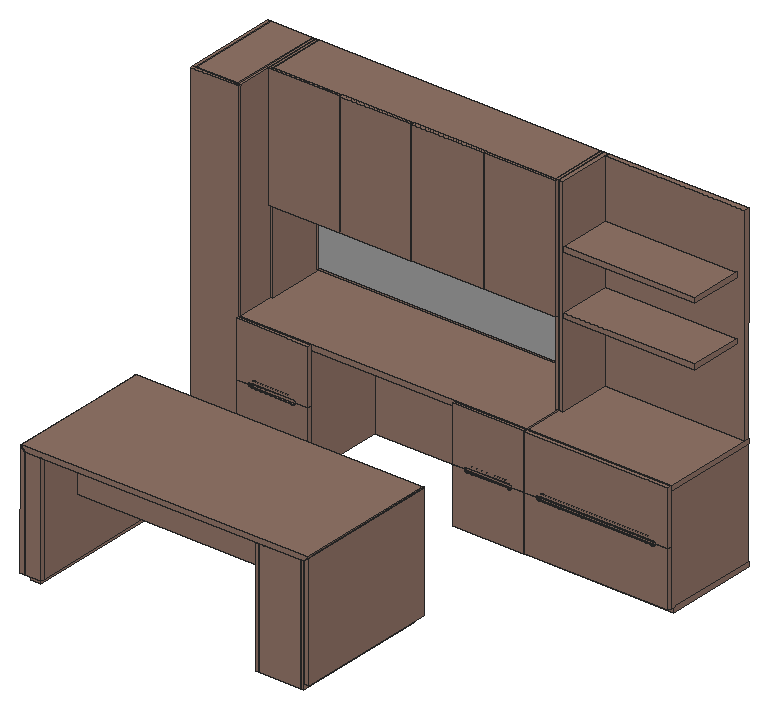
Revit family "OFS TYPICAL S100003", category Furniture, Revit 2022 (continued)
Definition of nested family "OFS SLATE CREDENZAS"
  Definition of nested family "OFS_Slate Private Office_Credenzas_Double Pedestal"
    Forms (in)
      Extrusion 13, solid, material <- "Case", visible <- "Double Pedestal"
        sketch origin (-60.07556, -60, 0.45) x (-1, 0, 0) y (0, -1, 0)
          loop
            line (-62.32556, -39.125) -> (-60.82556, -39.125) -> (-60.82556, -37.625) -> (-62.32556, -37.625) -> (-62.32556, -39.125)
          loop
            line (-75.82556, -39.125) -> (-75.82556, -37.625) -> (-77.32556, -37.625) -> (-77.32556, -39.125) -> (-75.82556, -39.125)
          loop
            line (-119.32556, -59.25) -> (-117.82556, -59.25) -> (-117.82556, -57.75) -> (-119.32556, -57.75) -> (-119.32556, -59.25)
          loop
            line (-104.32556, -59.25) -> (-102.82556, -59.25) -> (-102.82556, -57.75) -> (-104.32556, -57.75) -> (-104.32556, -59.25)
          loop
            line (-117.82556, -39.125) -> (-117.82556, -37.625) -> (-119.32556, -37.625) -> (-119.32556, -39.125) -> (-117.82556, -39.125)
          loop
            line (-104.32556, -39.125) -> (-102.82556, -39.125) -> (-102.82556, -37.625) -> (-104.32556, -37.625) -> (-104.32556, -39.125)
        from 0 to 1.25
      Revolve 14, solid, material <- "Glides", visible <- "Double Pedestal"
        sketch origin (-3.76383, -1.37544, 47.24409) x (-1, 0, 0) y (0, 0, 1)
          loop
            line (-5.15473, -46.79409) -> (-5.15473, -47.24409) -> (-4.90473, -47.24409)
            arc (-4.90473, -47.24409) -> (-4.78439, -47.13335) -> (-4.86606, -46.99165) r 0.13088
            line (-4.86606, -46.99165) -> (-4.90473, -46.99165) -> (-4.90473, -46.79409) -> (-5.15473, -46.79409)
          axis (-5.15473, -46.79409) -> (-5.15473, -47.24409)
        angle from 0 to 360
      Revolve 15, solid, material <- "Glides", visible <- "Double Pedestal"
        sketch origin (21.76383, -1.37544, 47.24409) x (1, 0, 0) y (0, 0, -1)
          loop
            line (-5.15473, 46.79409) -> (-4.90473, 46.79409) -> (-4.90473, 46.99165) -> (-4.86606, 46.99165)
            arc (-4.86606, 46.99165) -> (-4.78439, 47.13335) -> (-4.90473, 47.24409) r 0.13088
            line (-4.90473, 47.24409) -> (-5.15473, 47.24409) -> (-5.15473, 46.79409)
          axis (-5.15473, 46.79409) -> (-5.15473, 47.24409)
        angle from 0 to 360
      Revolve 16, solid, material <- "Glides", visible <- "Double Pedestal"
        sketch origin (63.21186, -21.74956, 47.24409) x (1, 0, 0) y (0, 0, 1)
          loop
            line (-61.82096, -46.79409) -> (-62.07096, -46.79409) -> (-62.07096, -46.99165) -> (-62.10964, -46.99165)
            arc (-62.10964, -46.99165) -> (-62.19131, -47.13335) -> (-62.07096, -47.24409) r 0.13088
            line (-62.07096, -47.24409) -> (-61.82096, -47.24409) -> (-61.82096, -46.79409)
          axis (-61.82096, -46.79409) -> (-61.82096, -47.24409)
        angle from 0 to 360
      Revolve 17, solid, material <- "Glides", visible <- "Double Pedestal"
        sketch origin (63.21186, -21.74956, 47.24409) x (1, 0, 0) y (0, 0, 1)
          loop
            line (-46.60277, -46.79409) -> (-46.60277, -47.24409) -> (-46.35277, -47.24409)
            arc (-46.35277, -47.24409) -> (-46.23242, -47.13335) -> (-46.31409, -46.99165) r 0.13088
            line (-46.31409, -46.99165) -> (-46.35277, -46.99165) -> (-46.35277, -46.79409) -> (-46.60277, -46.79409)
          axis (-46.60277, -46.79409) -> (-46.60277, -47.24409)
        angle from 0 to 360
      Revolve 18, solid, material <- "Glides", visible <- "Double Pedestal"
        sketch origin (63.76383, -1.37544, 47.24409) x (1, 0, 0) y (0, 0, -1)
          loop
            line (-5.15473, 46.79409) -> (-4.90473, 46.79409) -> (-4.90473, 46.99165) -> (-4.86606, 46.99165)
            arc (-4.86606, 46.99165) -> (-4.78439, 47.13335) -> (-4.90473, 47.24409) r 0.13088
            line (-4.90473, 47.24409) -> (-5.15473, 47.24409) -> (-5.15473, 46.79409)
          axis (-5.15473, 46.79409) -> (-5.15473, 47.24409)
        angle from 0 to 360
      Revolve 19, solid, material <- "Glides", visible <- "Double Pedestal"
        sketch origin (38.23617, -1.37544, 47.24409) x (-1, 0, 0) y (0, 0, 1)
          loop
            line (-5.15473, -46.79409) -> (-5.15473, -47.24409) -> (-4.90473, -47.24409)
            arc (-4.90473, -47.24409) -> (-4.78439, -47.13335) -> (-4.86606, -46.99165) r 0.13088
            line (-4.86606, -46.99165) -> (-4.90473, -46.99165) -> (-4.90473, -46.79409) -> (-5.15473, -46.79409)
          axis (-5.15473, -46.79409) -> (-5.15473, -47.24409)
        angle from 0 to 360
      Revolve 20, solid, material <- "Glides", visible <- "Double Pedestal"
        sketch origin (-3.21186, -21.74956, 47.24409) x (-1, 0, 0) y (0, 0, -1)
          loop
            line (-61.82096, 46.79409) -> (-61.82096, 47.24409) -> (-62.07096, 47.24409)
            arc (-62.07096, 47.24409) -> (-62.19131, 47.13335) -> (-62.10964, 46.99165) r 0.13088
            line (-62.10964, 46.99165) -> (-62.07096, 46.99165) -> (-62.07096, 46.79409) -> (-61.82096, 46.79409)
          axis (-61.82096, 46.79409) -> (-61.82096, 47.24409)
        angle from 0 to 360
      Revolve 21, solid, material <- "Glides", visible <- "Double Pedestal"
        sketch origin (-3.21186, -21.74956, 47.24409) x (-1, 0, 0) y (0, 0, -1)
          loop
            line (-46.60277, 46.79409) -> (-46.35277, 46.79409) -> (-46.35277, 46.99165) -> (-46.31409, 46.99165)
            arc (-46.31409, 46.99165) -> (-46.23242, 47.13335) -> (-46.35277, 47.24409) r 0.13088
            line (-46.35277, 47.24409) -> (-46.60277, 47.24409) -> (-46.60277, 46.79409)
          axis (-46.60277, 46.79409) -> (-46.60277, 47.24409)
        angle from 0 to 360
    Cuts and joins
      Sweep 9, Sweep 10 cuts Extrusion 8
      joined: Sweep 2, Extrusion 3, Extrusion 13
      joined: Revolve 14, Revolve 15, Revolve 16, Revolve 17, Revolve 18, Revolve 19, Revolve 20, Revolve 21
    Lines and regions (in)
      Masking region 1, visible <- "Double Pedestal"
        outline origin (-60.07556, -60, 29.2) x (-1, 0, 0) y (0, -1, 0)
          loop
            line (-60.07556, -60) -> (-60.07556, -35.16339) -> (-120.07556, -35.16339) -> (-120.07556, -60) -> (-60.07556, -60)
    Dimensions and locks (in)
      "Width 1": plane 3 "Center (Left/Right)" to plane 11
      plane 3 "Center (Left/Right)" to plane 17 to plane 19 to plane 9 to plane 21 = 0' - 0 3/4" locked, 1' - 4 1/2" locked, 0' - 0 3/4" locked, 0' - 0 3/4" locked
      plane 22 to plane 12 to plane 20 to plane 18 to plane 11 = 0' - 0 3/4" locked, 0' - 0 3/4" locked, 1' - 4 1/2" locked, 0' - 0 3/4" locked
      equal spacing: plane 3 "Center (Left/Right)", plane 10, plane 11
      Sweep 9 sketch curve to Sweep 9 sketch curve to plane 3 "Center (Left/Right)" = 0' - 10.75482" locked, 0' - 3.68509" locked
      Sweep 10 sketch curve to Sweep 10 sketch curve to plane 11 = 0' - 10.75482" locked, 0' - 3.68509" locked
      aligned and locked: level to plane 2
      aligned and locked: plane 11 to Extrusion 1
      aligned and locked: Extrusion 3 sketch curve to Extrusion 1  (x2)
      aligned and locked: Extrusion 3 sketch curve to Sweep 2  (x2)
      aligned and locked: Extrusion 3 sketch curve to plane 6
      aligned and locked: Extrusion 3 sketch curve to plane 19
      aligned and locked: Extrusion 4 sketch curve to plane 19
      aligned and locked: plane 20 to Extrusion 4 sketch curve
      aligned and locked: plane 18 to Extrusion 4 sketch curve
      aligned and locked: plane 17 to Extrusion 4 sketch curve
      aligned and locked: Sweep 2 to Extrusion 5 sketch curve
      aligned and locked: plane 21 to Extrusion 5 sketch curve
      aligned and locked: plane 1 "Center (Front/Back)" to Extrusion 5 sketch curve
      aligned and locked: plane 22 to Extrusion 5 sketch curve
      aligned and locked: plane 12 to Extrusion 5 sketch curve
      aligned and locked: Sweep 12 sketch curve to plane 20
      aligned and locked: plane 18 to Sweep 12 sketch curve
      aligned and locked: plane 19 to Sweep 2 sketch curve
      aligned and locked: Sweep 2 sketch curve to plane 17
      aligned and locked: Masking region 1 sketch curve to Extrusion 1  (x2)
      aligned and locked: Masking region 1 sketch curve to cut or joined group of Extrusion 8, Sweep 9, Sweep 10
      aligned and locked: Masking region 1 sketch curve to plane 11
    Automatic sketch dimensions
      Extrusion 1 sketch curve to plane 7 = 0' - 0"
      Extrusion 1 sketch curve to plane 15 = 0' - 0"
      Extrusion 1 sketch curve to plane 1 "Center (Front/Back)" = 0' - 0"
      plane 6 to Extrusion 1 sketch curve = 0' - 0"
      plane 1 "Center (Front/Back)" to Sweep 2 sketch curve = 0' - 0"  (x2)
      plane 14 to Sweep 2 sketch curve = 0' - 0.62544"
      Sweep 2 sketch curve to plane 4 = 0' - 0"
      Sweep 2 sketch curve to profile plane = 0' - 0"
      profile plane to Sweep 2 sketch curve = 0' - 0 3/4"
      plane 4 to Sweep 2 sketch curve = 0' - 1 1/4"
      Extrusion 3 sketch curve to plane 5 = 0' - 0"  (x4)
      Extrusion 3 sketch curve to plane 11 = 0' - 0"
      plane 18 to Extrusion 3 sketch curve = 0' - 0"
      plane 20 to Extrusion 3 sketch curve = 0' - 0"
      Extrusion 3 sketch curve to plane 6 = 0' - 0"  (x2)
      Extrusion 3 sketch curve to plane 12 = 0' - 0"
      plane 1 "Center (Front/Back)" to Extrusion 4 sketch curve = 0' - 0"  (x2)
      plane 13 to Extrusion 4 sketch curve = 0' - 0.62544"  (x2)
      plane 1 "Center (Front/Back)" to Extrusion 5 sketch curve = 0' - 0"
      Extrusion 5 sketch curve to plane 13 = 0' - 1.87456"  (x2)
      Extrusion 6 sketch curve to plane 12 = 0' - 0"
      Extrusion 6 sketch curve to plane 9 = 0' - 0"
      Extrusion 6 sketch curve to plane 13 = 0' - 1.87456"
      Extrusion 6 sketch curve to Extrusion 6 sketch curve = 0' - 0 3/4"
      plane 12 to Extrusion 7 sketch curve = 0' - 0 1/8"
      plane 9 to Extrusion 7 sketch curve = 0' - 0 1/8"
      Extrusion 7 sketch curve to plane 13 = 0' - 1.87456"
      Extrusion 7 sketch curve to Extrusion 7 sketch curve = 0' - 0 3/4"
      Extrusion 8 sketch curve to plane 5 = 0' - 0"  (x2)
      Extrusion 8 sketch curve to plane 9 = 0' - 0"  (x2)
      plane 3 "Center (Left/Right)" to Extrusion 8 sketch curve = 0' - 0 1/8"
      Extrusion 8 sketch curve to Extrusion 8 sketch curve = 0' - 0"  (x2)
      Extrusion 8 sketch curve to plane 12 = 0' - 0"  (x2)
      Extrusion 8 sketch curve to plane 11 = 0' - 0 1/8"
      plane 6 to Extrusion 8 sketch curve = 1' - 0 21/32"  (x2)
      Extrusion 8 sketch curve to Extrusion 8 sketch curve = 0' - 0 1/8"  (x2)
      Extrusion 8 sketch curve to plane 7 = 0' - 0 1/16"  (x2)
      Sweep 9 sketch curve to plane 8 = 1' - 0.15699"
      Sweep 9 sketch curve to Sweep 9 sketch curve = 0' - 0.81176"
      Sweep 9 sketch curve to plane 16 = 0' - 0"
      profile plane to Sweep 9 sketch curve = 0' - 0.74926"
      Sweep 9 sketch curve to plane 16 = 0' - 0.06635"
      profile plane to Sweep 9 sketch curve = 0' - 0.24927"
      profile plane to Sweep 9 sketch curve = 0' - 0.23364"
      Sweep 9 sketch curve to Sweep 9 sketch curve = 0' - 0.06093"
      Sweep 9 sketch curve to Sweep 9 sketch curve = 0' - 0.29242"
      Sweep 9 sketch curve to Sweep 9 sketch curve = 0' - 0.23498"
      plane 6 to Sweep 10 sketch curve = 0' - 11.78198"
      Sweep 10 sketch curve to Sweep 10 sketch curve = 0' - 0.81176"
      Sweep 10 sketch curve to plane 16 = 0' - 0"
      Sweep 10 sketch curve to plane 16 = 0' - 0.06635"
      Sweep 10 sketch curve to profile plane = 0' - 0.18833"
      Sweep 10 sketch curve to profile plane = 0' - 0.23364"
      Sweep 10 sketch curve to Sweep 10 sketch curve = 0' - 0.06093"
      Sweep 10 sketch curve to Sweep 10 sketch curve = 0' - 0 33/64"
      Sweep 10 sketch curve to Sweep 10 sketch curve = 0' - 0.29242"
      Sweep 10 sketch curve to Sweep 10 sketch curve = 0' - 0.23498"
      Extrusion 11 sketch curve to plane 5 = 0' - 0"  (x2)
      Extrusion 11 sketch curve to plane 17 = 0' - 0"
      Extrusion 11 sketch curve to plane 19 = 0' - 0"
      Extrusion 11 sketch curve to plane 8 = 0' - 0"  (x2)
      plane 20 to Extrusion 11 sketch curve = 0' - 0"
      plane 18 to Extrusion 11 sketch curve = 0' - 0"
      plane 1 "Center (Front/Back)" to Sweep 12 sketch curve = 0' - 0"  (x2)
      plane 14 to Sweep 12 sketch curve = 0' - 0.62544"
      Sweep 12 sketch curve to plane 4 = 0' - 0"
      Sweep 12 sketch curve to profile plane = 0' - 0"
      Sweep 12 sketch curve to profile plane = 0' - 0 3/4"
      Sweep 12 sketch curve to Sweep 12 sketch curve = 0' - 1 1/4"
      Extrusion 13 sketch curve to plane 18 = 0' - 0"  (x2)
      Extrusion 13 sketch curve to plane 20 = 0' - 0"  (x2)
      Extrusion 13 sketch curve to plane 19 = 0' - 0"  (x2)
      Extrusion 13 sketch curve to plane 17 = 0' - 0"  (x2)
      plane 13 to Extrusion 13 sketch curve = 0' - 0.62544"  (x4)
      Extrusion 13 sketch curve to Extrusion 13 sketch curve = 0' - 1 1/2"  (x5)
      plane 14 to Extrusion 13 sketch curve = 0' - 0.62544"  (x4)
      Extrusion 13 sketch curve to plane 20 = 0' - 1 1/2"
      plane 17 to Extrusion 13 sketch curve = 0' - 1 1/2"  (x2)
      Extrusion 13 sketch curve to plane 13 = 0' - 0.87456"  (x4)
      Extrusion 13 sketch curve to plane 14 = 0' - 0.87456"  (x4)
      Revolve 14 sketch curve to plane 4 = 0' - 0"
      Revolve 14 sketch curve to level = 0' - 0"  (x2)
      plane 17 to Revolve 14 sketch curve = 0' - 0.6409"
      Revolve 14 sketch curve to Revolve 14 sketch curve = 0' - 0.24097"
      Revolve 14 sketch curve to Revolve 14 sketch curve = 0' - 0.00903"  (x2)
      Revolve 14 sketch curve to Revolve 14 sketch curve = 0' - 0.03868"
      level to Revolve 14 sketch curve = 0' - 0.13057"
      Revolve 14 sketch curve to Revolve 14 sketch curve = 0' - 0"
      Revolve 14 sketch curve to level = 0' - 0.10773"
      Revolve 15 sketch curve to plane 4 = 0' - 0"
      Revolve 15 sketch curve to level = 0' - 0"  (x2)
      Revolve 15 sketch curve to plane 19 = 0' - 0.6409"
      Revolve 15 sketch curve to Revolve 15 sketch curve = 0' - 0.24097"
      Revolve 15 sketch curve to Revolve 15 sketch curve = 0' - 0.00903"  (x2)
      Revolve 15 sketch curve to Revolve 15 sketch curve = 0' - 0.03868"
      Revolve 15 sketch curve to Revolve 15 sketch curve = 0' - 0.19756"
      Revolve 15 sketch curve to Revolve 15 sketch curve = 0' - 0"
      Revolve 15 sketch curve to level = 0' - 0.10773"
      Revolve 16 sketch curve to plane 4 = 0' - 0"
      Revolve 16 sketch curve to level = 0' - 0"  (x2)
      plane 17 to Revolve 16 sketch curve = 0' - 0.35223"
      Revolve 16 sketch curve to Revolve 16 sketch curve = 0' - 0.03868"
      Revolve 16 sketch curve to Revolve 16 sketch curve = 0' - 0"  (x2)
      Revolve 16 sketch curve to Revolve 16 sketch curve = 0' - 0.00903"
      Revolve 16 sketch curve to Revolve 16 sketch curve = 0' - 0 1/4"
      level to Revolve 16 sketch curve = 0' - 0.13057"
      Revolve 16 sketch curve to level = 0' - 0.10773"
      Revolve 17 sketch curve to plane 4 = 0' - 0"
      Revolve 17 sketch curve to level = 0' - 0"  (x2)
      Revolve 17 sketch curve to plane 19 = 0' - 0.6409"
      Revolve 17 sketch curve to Revolve 17 sketch curve = 0' - 0.24097"
      Revolve 17 sketch curve to Revolve 17 sketch curve = 0' - 0.00903"  (x2)
      Revolve 17 sketch curve to Revolve 17 sketch curve = 0' - 0.03868"
      level to Revolve 17 sketch curve = 0' - 0.13057"
      Revolve 17 sketch curve to Revolve 17 sketch curve = 0' - 0"
      Revolve 17 sketch curve to level = 0' - 0.10773"
      Revolve 18 sketch curve to plane 4 = 0' - 0"
      Revolve 18 sketch curve to level = 0' - 0"  (x2)
      plane 18 to Revolve 18 sketch curve = 0' - 0.6409"
      Revolve 18 sketch curve to Revolve 18 sketch curve = 0' - 0.24097"
      Revolve 18 sketch curve to Revolve 18 sketch curve = 0' - 0.00903"  (x2)
      Revolve 18 sketch curve to Revolve 18 sketch curve = 0' - 0.03868"
      Revolve 18 sketch curve to Revolve 18 sketch curve = 0' - 0.19756"
      Revolve 18 sketch curve to Revolve 18 sketch curve = 0' - 0"
      Revolve 18 sketch curve to level = 0' - 0.10773"
      Revolve 19 sketch curve to plane 4 = 0' - 0"
      Revolve 19 sketch curve to level = 0' - 0"  (x2)
      Revolve 19 sketch curve to plane 20 = 0' - 0.6409"
      Revolve 19 sketch curve to Revolve 19 sketch curve = 0' - 0.24097"
      Revolve 19 sketch curve to Revolve 19 sketch curve = 0' - 0.00903"  (x2)
      Revolve 19 sketch curve to Revolve 19 sketch curve = 0' - 0.03868"
      level to Revolve 19 sketch curve = 0' - 0.13057"
      Revolve 19 sketch curve to Revolve 19 sketch curve = 0' - 0"
      Revolve 19 sketch curve to level = 0' - 0.10773"
      Revolve 20 sketch curve to plane 4 = 0' - 0"
      Revolve 20 sketch curve to level = 0' - 0"  (x2)
      plane 18 to Revolve 20 sketch curve = 0' - 0.35223"
      Revolve 20 sketch curve to Revolve 20 sketch curve = 0' - 0.03868"
      Revolve 20 sketch curve to Revolve 20 sketch curve = 0' - 0"  (x2)
      Revolve 20 sketch curve to Revolve 20 sketch curve = 0' - 0.00903"
      Revolve 20 sketch curve to Revolve 20 sketch curve = 0' - 0 1/4"
      Revolve 20 sketch curve to Revolve 20 sketch curve = 0' - 0.19756"
      Revolve 20 sketch curve to level = 0' - 0.10773"
      Revolve 21 sketch curve to plane 4 = 0' - 0"
      Revolve 21 sketch curve to level = 0' - 0"  (x2)
      Revolve 21 sketch curve to plane 20 = 0' - 0.6409"
      Revolve 21 sketch curve to Revolve 21 sketch curve = 0' - 0.24097"
      Revolve 21 sketch curve to Revolve 21 sketch curve = 0' - 0.00903"  (x2)
      Revolve 21 sketch curve to Revolve 21 sketch curve = 0' - 0.03868"
      Revolve 21 sketch curve to Revolve 21 sketch curve = 0' - 0.19756"
      Revolve 21 sketch curve to Revolve 21 sketch curve = 0' - 0"
      Revolve 21 sketch curve to level = 0' - 0.10773"
  Definition of nested family "OFS_Slate Private Office_Credenzas_Lateral File Cabinet"
    Parameters
      Width 1 [instance] = if(Width < 5' 6", 5' 6", Width)  # 5' - 6"
      Width [instance] = 5' - 6"
      URL = "http://www.ofsbrands.com/"
      Type = 3
      Top [instance] = none
      Model = "Type Catalog"
      Manufacturer = "OFS BRANDS"  # constant formula
      Length [instance] = if(and(Type = 3, Width = 5' 6"), 1' 10.755", 2' 4.755")  # 1' - 10.755"
      Lateral File/Cabinet = Type = 3  # yes
      Glides [instance] = none
      Drawers [instance] = none
      Description = "Type Catalog"
      Default Elevation = 0' - 0"
      Copyright © = "© 2016 OFS BRANDS"  # constant formula
      Catalog = "OFS"  # constant formula
      Case [instance] = none
      Base [instance] = none
      Authoring Version = "Autodesk Revit Architecture 2014"  # constant formula
      Assembly Code = "E2020200"
    Reference planes (in)
      plane 1 "Center (Front/Back)": y = 0
      plane 2: z = 0
      plane 3 "Center (Left/Right)": x = 0
      plane 4: x = 65.25
      plane 5: x = 66
      plane 6: x = 0.75
      plane 7: y = -24
      plane 8: y = -24.83661
      plane 9: y = -23.125
      plane 10: x = 0.125
      plane 11: x = 65.875
      plane 12: z = 0.45
      plane 13: z = 29.2
      plane 14: y = -1.37544
      plane 15: y = -21.74956
      plane 16: y = -11.5625
      plane 17: x = 33
      plane 18: x = 18
      plane 19: x = 48
    Forms (in)
      Revolve 1, solid, material <- "Glides", visible <- "Lateral File/Cabinet"
        sketch origin (1.0178, -1.37544, 47.24409) x (-1, 0, 0) y (0, 0, 1)
          loop
            line (-0.3731, -46.79409) -> (-0.3731, -47.24409) -> (-0.1281, -47.24409)
            arc (-0.1281, -47.24409) -> (0, -47.13626) -> (-0.08442, -46.99165) r 0.13
            line (-0.08442, -46.99165) -> (-0.1231, -46.99165) -> (-0.1231, -46.79409) -> (-0.3731, -46.79409)
          axis (-0.3731, -46.79409) -> (-0.3731, -47.24409)
        angle from 0 to 360
      Revolve 2, solid, material <- "Glides", visible <- "Lateral File/Cabinet"
        sketch origin (70.9822, -1.37544, 47.24409) x (1, 0, 0) y (0, 0, -1)
          loop
            line (-6.3731, 46.79409) -> (-6.1231, 46.79409) -> (-6.1231, 46.99165) -> (-6.08442, 46.99165)
            arc (-6.08442, 46.99165) -> (-6, 47.13626) -> (-6.1281, 47.24409) r 0.13
            line (-6.1281, 47.24409) -> (-6.3731, 47.24409) -> (-6.3731, 46.79409)
          axis (-6.3731, 46.79409) -> (-6.3731, 47.24409)
        angle from 0 to 360
      Revolve 3, solid, material <- "Glides", visible <- "Lateral File/Cabinet"
        sketch origin (70.9822, -21.74956, 47.24409) x (1, 0, 0) y (0, 0, 1)
          loop
            line (-6.3731, -46.79409) -> (-6.3731, -47.24409) -> (-6.1281, -47.24409)
            arc (-6.1281, -47.24409) -> (-6, -47.13626) -> (-6.08442, -46.99165) r 0.13
            line (-6.08442, -46.99165) -> (-6.1231, -46.99165) -> (-6.1231, -46.79409) -> (-6.3731, -46.79409)
          axis (-6.3731, -46.79409) -> (-6.3731, -47.24409)
        angle from 0 to 360
      Revolve 4, solid, material <- "Glides", visible <- "Lateral File/Cabinet"
        sketch origin (1.0178, -21.74956, 47.24409) x (-1, 0, 0) y (0, 0, -1)
          loop
            line (-0.3731, 46.79409) -> (-0.1231, 46.79409) -> (-0.1231, 46.99165) -> (-0.08442, 46.99165)
            arc (-0.08442, 46.99165) -> (0, 47.13626) -> (-0.1281, 47.24409) r 0.13
            line (-0.1281, 47.24409) -> (-0.3731, 47.24409) -> (-0.3731, 46.79409)
          axis (-0.3731, 46.79409) -> (-0.3731, 47.24409)
        angle from 0 to 360
      Extrusion 5, solid, material <- "Case", visible <- "Lateral File/Cabinet"
        sketch origin (-60.07556, -60, 0.45) x (-1, 0, 0) y (0, -1, 0)
          loop
            line (-60.82556, -59.25) -> (-60.82556, -57.75) -> (-62.32556, -57.75) -> (-62.32556, -59.25) -> (-60.82556, -59.25)
          loop
            line (-60.82556, -39.125) -> (-60.82556, -37.625) -> (-62.32556, -37.625) -> (-62.32556, -39.125) -> (-60.82556, -39.125)
          loop
            line (-125.32556, -59.25) -> (-123.82556, -59.25) -> (-123.82556, -57.75) -> (-125.32556, -57.75) -> (-125.32556, -59.25)
          loop
            line (-125.32556, -39.125) -> (-123.82556, -39.125) -> (-123.82556, -37.625) -> (-125.32556, -37.625) -> (-125.32556, -39.125)
        from 0 to 1.25
      Extrusion 6, solid, material <- "Top", visible <- "Lateral File/Cabinet"
        sketch origin (0, 0, 0) x (0, 1, 0) y (0, 0, 1)
          loop
            line (0, 29.2) -> (-24, 29.2) -> (-24, 28.0125) -> (0, 28.0125) -> (0, 29.2)
        from 0 to 66
      Sweep 7, solid, material <- "Case", visible <- "Lateral File/Cabinet"
        path origin (-60.07556, -60, 0.45) x (-1, 0, 0) y (0, -1, 0)
          loop
            line (-126.07556, -60) -> (-126.07556, -36.875) -> (-60.07556, -36.875) -> (-60.07556, -60)
        profile origin (0, -11.5625, 0.45) x (-1, 0, 0) y (0, 0, 1)
          loop
            line (-0.75, 0) -> (0, 0) -> (0, 1.25) -> (-0.75, 1.25) -> (-0.75, 0)
      Extrusion 8, solid, material <- "Case", visible <- "Lateral File/Cabinet"
        sketch origin (0, 0, 0) x (0, 1, 0) y (0, 0, 1)
          loop
            line (0, 28.0125) -> (-0.75, 28.0125) -> (-0.75, 0.45) -> (0, 0.45) -> (0, 28.0125)
        from 0.75 to 65.25
      Extrusion 9, solid, material <- "Case", visible <- "Lateral File/Cabinet"
        sketch origin (0, 0, 0) x (1, 0, 0) y (0, 0, 1)
          loop
            line (0, 28.0125) -> (0, 1.7) -> (0.75, 1.7) -> (0.75, 28.0125) -> (0, 28.0125)
          loop
            line (65.25, 28.0125) -> (65.25, 1.7) -> (66, 1.7) -> (66, 28.0125) -> (65.25, 28.0125)
        from 0 to 24
      Extrusion 10, solid, material <- "Drawers", visible <- "Lateral File/Cabinet"
        sketch origin (0.125, -24.83661, 47.24409) x (0, -1, 0) y (0, 0, 1)
          loop
            line (-0.26, -18.10659) -> (-0.34839, -18.1432) -> (-0.75, -18.54482) -> (-0.75, -45.5441) -> (0, -45.5441) -> (0, -18.10659) -> (-0.26, -18.10659)
        from 0 to -17.875
      Sweep 11, void
        path origin (-3.76383, -24.83661, 47.24409) x (-1, 0, 0) y (0, 0, 1)
          loop
            line (-25.38633, -31.01358) -> (-48.14133, -31.01358)
            arc (-48.14133, -31.01358) -> (-48.9531, -31.82534) -> (-48.14133, -32.63711) r 0.81176
            line (-48.14133, -32.63711) -> (-25.38633, -32.63711)
            arc (-25.38633, -32.63711) -> (-24.57457, -31.82534) -> (-25.38633, -31.01358) r 0.81176
        profile origin (33, -24.83661, 16.23051) x (0, 0, -1) y (0, 1, 0)
          loop
            line (0.74926, 0) -> (0.74926, 0.59375) -> (0.23364, 0.59375)
            arc (0.23364, 0.59375) -> (-0.00045, 0.3792) -> (0.19294, 0.12735) r 0.23498
            arc (0.19294, 0.12735) -> (0.23332, 0.10405) -> (0.24927, 0.06025) r 0.06813
            line (0.24927, 0.06025) -> (0.24927, 0) -> (0.74926, 0)
      Extrusion 12, solid, material <- "Base", visible <- "Lateral File/Cabinet"
        sketch origin (-3.76383, -24.83661, 47.24409) x (-1, 0, 0) y (0, 0, 1)
          loop
            line (-4.51383, -44.79409) -> (-69.01383, -44.79409) -> (-69.01383, -45.54409) -> (-4.51383, -45.54409) -> (-4.51383, -44.79409)
        from 0.83661 to 24.08661
      Extrusion 13, solid, material <- "Drawers", visible <- "Lateral File/Cabinet"
        sketch origin (65.875, -24.83661, 47.24409) x (0, -1, 0) y (0, 0, -1)
          loop
            line (-0.26, 18.10659) -> (0, 18.10659) -> (0, 45.5441) -> (-0.75, 45.5441) -> (-0.75, 18.54482) -> (-0.34839, 18.1432) -> (-0.26, 18.10659)
        from 0 to -17.875
      Extrusion 14, solid, material <- "Drawers", visible <- "Lateral File/Cabinet"
        sketch origin (-3.76383, -24.83661, 47.24409) x (-1, 0, 0) y (0, 0, 1)
          loop
            line (-21.88883, -18.1066) -> (-51.63883, -18.1066) -> (-51.63883, -31.76284) -> (-21.88883, -31.76284) -> (-21.88883, -18.1066)
          loop
            line (-51.63883, -31.88784) -> (-51.63883, -45.54409) -> (-21.88883, -45.54409) -> (-21.88883, -31.88784) -> (-51.63883, -31.88784)
        from 0 to 0.75
    Cuts and joins
      joined: Revolve 1, Revolve 2, Revolve 3, Revolve 4
      Sweep 11 cuts Extrusion 14
      joined: Extrusion 10, Extrusion 13
    Lines and regions (in)
      Masking region 1, visible <- "Lateral File/Cabinet"
        outline origin (77.82463, -60, 29.2) x (0, -1, 0) y (1, 0, 0)
          loop
            line (-60, -77.82463) -> (-35.16339, -77.82463) -> (-35.16339, -11.82463) -> (-60, -11.82463) -> (-60, -77.82463)
    Dimensions and locks (in)
      "Width 1": plane 3 "Center (Left/Right)" to plane 5
      plane 3 "Center (Left/Right)" to plane 10 to plane 6 to plane 18 = 0' - 0 1/8" locked, 0' - 0 5/8" locked, 1' - 5 1/4" locked
      plane 19 to plane 4 to plane 11 to plane 5 = 1' - 5 1/4" locked, 0' - 0 5/8" locked, 0' - 0 1/8" locked
      equal spacing: plane 3 "Center (Left/Right)", plane 17, plane 5
      equal spacing: Sweep 11 sketch curve, plane 17, Sweep 11 sketch curve
      "Length": Sweep 11 sketch curve to Sweep 11 sketch curve
      locked: plane 18 to Extrusion 14 sketch curve at 0.125
      locked: plane 19 to Extrusion 14 sketch curve at 0.125
      aligned and locked: level to plane 2
      aligned and locked: Extrusion 6 to plane 5
      aligned and locked: Sweep 7 sketch curve to Extrusion 6  (x2)
      aligned and locked: plane 9 to Sweep 7 sketch curve
      aligned and locked: plane 4 to Extrusion 8
      aligned and locked: plane 6 to Extrusion 8
      aligned and locked: Extrusion 12 sketch curve to plane 6
      aligned and locked: Extrusion 12 sketch curve to plane 4
      aligned and locked: Masking region 1 sketch curve to Extrusion 6  (x2)
      aligned and locked: Masking region 1 sketch curve to plane 8
      aligned and locked: Masking region 1 sketch curve to plane 5
      aligned and locked: Extrusion 13 to plane 11
      aligned and locked: Extrusion 13 to plane 19
      aligned and locked: Extrusion 14 sketch curve to Extrusion 14 sketch curve  (x2)
    Automatic sketch dimensions
      Revolve 1 sketch curve to plane 12 = 0' - 0"
      Revolve 1 sketch curve to level = 0' - 0"  (x2)
      Revolve 1 sketch curve to plane 6 = 0' - 0.6409"
      Revolve 1 sketch curve to Revolve 1 sketch curve = 0' - 0.245"
      Revolve 1 sketch curve to Revolve 1 sketch curve = 0' - 0.005"
      Revolve 1 sketch curve to Revolve 1 sketch curve = 0' - 0.03868"
      level to Revolve 1 sketch curve = 0' - 0.13"
      Revolve 1 sketch curve to Revolve 1 sketch curve = 0' - 0"
      Revolve 1 sketch curve to level = 0' - 0.09316"
      Revolve 2 sketch curve to plane 12 = 0' - 0"
      Revolve 2 sketch curve to level = 0' - 0"  (x2)
      Revolve 2 sketch curve to plane 4 = 0' - 0.6409"
      Revolve 2 sketch curve to Revolve 2 sketch curve = 0' - 0.245"
      Revolve 2 sketch curve to Revolve 2 sketch curve = 0' - 0.005"
      Revolve 2 sketch curve to Revolve 2 sketch curve = 0' - 0.03868"
      Revolve 2 sketch curve to plane 12 = 0' - 0.19756"
      Revolve 2 sketch curve to Revolve 2 sketch curve = 0' - 0"
      Revolve 2 sketch curve to Revolve 2 sketch curve = 0' - 0.09316"
      Revolve 3 sketch curve to plane 12 = 0' - 0"
      Revolve 3 sketch curve to level = 0' - 0"  (x2)
      Revolve 3 sketch curve to plane 4 = 0' - 0.6409"
      Revolve 3 sketch curve to Revolve 3 sketch curve = 0' - 0.245"
      Revolve 3 sketch curve to Revolve 3 sketch curve = 0' - 0.005"
      Revolve 3 sketch curve to Revolve 3 sketch curve = 0' - 0.03868"
      level to Revolve 3 sketch curve = 0' - 0.13"
      Revolve 3 sketch curve to Revolve 3 sketch curve = 0' - 0"
      Revolve 3 sketch curve to Revolve 3 sketch curve = 0' - 0.09316"
      Revolve 4 sketch curve to plane 12 = 0' - 0"
      Revolve 4 sketch curve to level = 0' - 0"  (x2)
      Revolve 4 sketch curve to plane 6 = 0' - 0.6409"
      Revolve 4 sketch curve to Revolve 4 sketch curve = 0' - 0.245"
      Revolve 4 sketch curve to Revolve 4 sketch curve = 0' - 0.005"
      Revolve 4 sketch curve to Revolve 4 sketch curve = 0' - 0.03868"
      Revolve 4 sketch curve to Revolve 4 sketch curve = 0' - 0.19756"
      Revolve 4 sketch curve to Revolve 4 sketch curve = 0' - 0"
      Revolve 4 sketch curve to level = 0' - 0.09316"
      Extrusion 5 sketch curve to plane 4 = 0' - 0"  (x2)
      Extrusion 5 sketch curve to plane 6 = 0' - 0"  (x2)
      plane 14 to Extrusion 5 sketch curve = 0' - 0.62544"  (x2)
      Extrusion 5 sketch curve to Extrusion 5 sketch curve = 0' - 1 1/2"  (x2)
      Extrusion 5 sketch curve to plane 15 = 0' - 0.62544"  (x2)
      Extrusion 5 sketch curve to plane 6 = 0' - 1 1/2"  (x2)
      Extrusion 5 sketch curve to plane 14 = 0' - 0.87456"  (x2)
      plane 15 to Extrusion 5 sketch curve = 0' - 0.87456"  (x2)
      Extrusion 6 sketch curve to plane 7 = 0' - 0"
      Extrusion 6 sketch curve to plane 1 "Center (Front/Back)" = 0' - 0"
      plane 13 to Extrusion 6 sketch curve = 0' - 0"
      plane 13 to Extrusion 6 sketch curve = 0' - 1 3/16"
      plane 1 "Center (Front/Back)" to Sweep 7 sketch curve = 0' - 0"  (x2)
      Sweep 7 sketch curve to plane 12 = 0' - 0"
      Sweep 7 sketch curve to profile plane = 0' - 0"
      profile plane to Sweep 7 sketch curve = 0' - 0 3/4"
      plane 12 to Sweep 7 sketch curve = 0' - 1 1/4"
      Extrusion 8 sketch curve to plane 12 = 0' - 0"
      Extrusion 8 sketch curve to plane 1 "Center (Front/Back)" = 0' - 0"
      plane 14 to Extrusion 8 sketch curve = 0' - 0.62544"
      plane 13 to Extrusion 8 sketch curve = 0' - 1 3/16"
      Extrusion 9 sketch curve to plane 3 "Center (Left/Right)" = 0' - 0"
      plane 6 to Extrusion 9 sketch curve = 0' - 0"
      Extrusion 9 sketch curve to plane 4 = 0' - 0"
      plane 5 to Extrusion 9 sketch curve = 0' - 0"
      plane 12 to Extrusion 9 sketch curve = 0' - 1 1/4"  (x2)
      plane 13 to Extrusion 9 sketch curve = 0' - 1 3/16"  (x2)
      Extrusion 10 sketch curve to plane 8 = 0' - 0"
      plane 13 to Extrusion 10 sketch curve = 0' - 0 1/16"
      plane 8 to Extrusion 10 sketch curve = 0' - 0.26"
      plane 13 to Extrusion 10 sketch curve = 0' - 0.09911"
      Extrusion 10 sketch curve to Extrusion 10 sketch curve = 0' - 0.08839"
      Extrusion 10 sketch curve to plane 7 = 0' - 0.08661"
      plane 13 to Extrusion 10 sketch curve = 0' - 0.50072"
      plane 12 to Extrusion 10 sketch curve = 0' - 1 1/4"
      Sweep 11 sketch curve to plane 8 = 0' - 0"
      plane 8 to Sweep 11 sketch curve = 0' - 0.06025"
      Sweep 11 sketch curve to profile plane = 0' - 0.18113"
      Sweep 11 sketch curve to profile plane = 0' - 0.23364"
      Sweep 11 sketch curve to Sweep 11 sketch curve = 0' - 0.06813"
      Sweep 11 sketch curve to Sweep 11 sketch curve = 0' - 0 33/64"
      Sweep 11 sketch curve to Sweep 11 sketch curve = 0' - 0.29853"
      Sweep 11 sketch curve to Sweep 11 sketch curve = 0' - 0.23498"
      plane 12 to Extrusion 12 sketch curve = 0' - 1 1/4"
      Extrusion 12 sketch curve to Extrusion 12 sketch curve = 0' - 0 3/4"
      Extrusion 13 sketch curve to plane 8 = 0' - 0"
      plane 13 to Extrusion 13 sketch curve = 0' - 0 1/16"
      Extrusion 13 sketch curve to Extrusion 13 sketch curve = 0' - 0.26"
      plane 13 to Extrusion 13 sketch curve = 0' - 0.09911"
      Extrusion 13 sketch curve to Extrusion 13 sketch curve = 0' - 0.08839"
      Extrusion 13 sketch curve to plane 7 = 0' - 0.08661"
      plane 13 to Extrusion 13 sketch curve = 0' - 0.50072"
      plane 12 to Extrusion 13 sketch curve = 0' - 1 1/4"
      plane 12 to Extrusion 14 sketch curve = 0' - 1 1/4"
      Extrusion 14 sketch curve to Extrusion 14 sketch curve = 1' - 1 21/32"
      Extrusion 14 sketch curve to Extrusion 14 sketch curve = 0' - 0 1/8"
      plane 13 to Extrusion 14 sketch curve = 0' - 0 1/16"
      plane 12 to Sweep 11 sketch curve = 1' - 2.15699"
      Sweep 11 sketch curve to Sweep 11 sketch curve = 0' - 0.81176"
  Definition of nested family "OFS_Slate Private Office_Credenzas_Lateral File"
    Parameters
      Width [instance] = 2' - 6"
      URL = "http://www.ofsbrands.com/"
      Type = 2
      Top [instance] = none
      Model = "Type Catalog"
      Manufacturer = "OFS BRANDS"  # constant formula
      Length 3 [instance] = if(or(and(Type = 2, Width = 5' 0"), and(Type = 2, Width = 6' 0")), (Width / 2 + 0' 3.624"), Width + 0' 3")  # 2' - 9"
      Length 2 [instance] = if(or(and(Type = 2, Width = 2' 6"), and(Type = 2, Width = 5' 0")), 1' 10.692", 2' 4.692")  # 1' - 10.692"
      Length 1 [instance] = if(and(Type = 2, Width < 5' 0"), 0' 0", Width / 2)  # 0' - 0"
      Lateral File = Type = 2  # yes
      Glides [instance] = none
      Drawers [instance] = none
      Description = "Type Catalog"
      Default Elevation = 0' - 0"
      Copyright © = "© 2016 OFS BRANDS"  # constant formula
      Catalog = "OFS"  # constant formula
      Case [instance] = none
      Base [instance] = none
      Authoring Version = "Autodesk Revit Architecture 2014"  # constant formula
      Assembly Code = "E2020200"
    Reference planes (in)
      plane 1 "Center (Front/Back)": y = 0
      plane 2: z = 0
      plane 3 "Center (Left/Right)": x = 0
      plane 4: x = 0
      plane 5: x = 29.25
      plane 6: x = 30
      plane 7: x = 0.75
      plane 8: y = -24
      plane 9: y = -24.83661
      plane 10: y = -23.125
      plane 11: x = 0.125
      plane 12: x = 29.875
      plane 13: z = 0.45
      plane 14: z = 29.2
      plane 15: y = -1.37544
      plane 16: y = -21.74956
      plane 17: y = -11.5625
      plane 18: x = 15
    Forms (in)
      Revolve 1, solid, material <- "Glides", visible <- "Lateral File"
        sketch origin (1.0178, -1.37544, 47.24409) x (-1, 0, 0) y (0, 0, 1)
          loop
            line (-0.3731, -46.79409) -> (-0.3731, -47.24409) -> (-0.1281, -47.24409)
            arc (-0.1281, -47.24409) -> (0, -47.13626) -> (-0.08442, -46.99165) r 0.13
            line (-0.08442, -46.99165) -> (-0.1231, -46.99165) -> (-0.1231, -46.79409) -> (-0.3731, -46.79409)
          axis (-0.3731, -46.79409) -> (-0.3731, -47.24409)
        angle from 0 to 360
      Revolve 2, solid, material <- "Glides", visible <- "Lateral File"
        sketch origin (70.9822, -1.37544, 47.24409) x (1, 0, 0) y (0, 0, -1)
          loop
            line (-42.3731, 46.79409) -> (-42.1231, 46.79409) -> (-42.1231, 46.99165) -> (-42.08442, 46.99165)
            arc (-42.08442, 46.99165) -> (-42, 47.13626) -> (-42.1281, 47.24409) r 0.13
            line (-42.1281, 47.24409) -> (-42.3731, 47.24409) -> (-42.3731, 46.79409)
          axis (-42.3731, 46.79409) -> (-42.3731, 47.24409)
        angle from 0 to 360
      Revolve 3, solid, material <- "Glides", visible <- "Lateral File"
        sketch origin (70.9822, -21.74956, 47.24409) x (1, 0, 0) y (0, 0, 1)
          loop
            line (-42.3731, -46.79409) -> (-42.3731, -47.24409) -> (-42.1281, -47.24409)
            arc (-42.1281, -47.24409) -> (-42, -47.13626) -> (-42.08442, -46.99165) r 0.13
            line (-42.08442, -46.99165) -> (-42.1231, -46.99165) -> (-42.1231, -46.79409) -> (-42.3731, -46.79409)
          axis (-42.3731, -46.79409) -> (-42.3731, -47.24409)
        angle from 0 to 360
      Revolve 4, solid, material <- "Glides", visible <- "Lateral File"
        sketch origin (1.0178, -21.74956, 47.24409) x (-1, 0, 0) y (0, 0, -1)
          loop
            line (-0.3731, 46.79409) -> (-0.1231, 46.79409) -> (-0.1231, 46.99165) -> (-0.08442, 46.99165)
            arc (-0.08442, 46.99165) -> (0, 47.13626) -> (-0.1281, 47.24409) r 0.13
            line (-0.1281, 47.24409) -> (-0.3731, 47.24409) -> (-0.3731, 46.79409)
          axis (-0.3731, 46.79409) -> (-0.3731, 47.24409)
        angle from 0 to 360
      Extrusion 5, solid, material <- "Case", visible <- "Lateral File"
        sketch origin (-60.07556, -60, 0.45) x (-1, 0, 0) y (0, -1, 0)
          loop
            line (-60.82556, -59.25) -> (-60.82556, -57.75) -> (-62.32556, -57.75) -> (-62.32556, -59.25) -> (-60.82556, -59.25)
          loop
            line (-60.82556, -39.125) -> (-60.82556, -37.625) -> (-62.32556, -37.625) -> (-62.32556, -39.125) -> (-60.82556, -39.125)
          loop
            line (-89.32556, -59.25) -> (-87.82556, -59.25) -> (-87.82556, -57.75) -> (-89.32556, -57.75) -> (-89.32556, -59.25)
          loop
            line (-89.32556, -39.125) -> (-87.82556, -39.125) -> (-87.82556, -37.625) -> (-89.32556, -37.625) -> (-89.32556, -39.125)
        from 0 to 1.25
      Extrusion 6, solid, material <- "Top", visible <- "Lateral File"
        sketch origin (0, 0, 0) x (0, 1, 0) y (0, 0, 1)
          loop
            line (0, 29.2) -> (-24, 29.2) -> (-24, 28.0125) -> (0, 28.0125) -> (0, 29.2)
        from 0 to 30
      Sweep 7, solid, material <- "Case", visible <- "Lateral File"
        path origin (-60.07556, -60, 0.45) x (-1, 0, 0) y (0, -1, 0)
          loop
            line (-90.07556, -60) -> (-90.07556, -36.875) -> (-60.07556, -36.875) -> (-60.07556, -60)
        profile origin (0, -11.5625, 0.45) x (-1, 0, 0) y (0, 0, 1)
          loop
            line (-0.75, 0) -> (0, 0) -> (0, 1.25) -> (-0.75, 1.25) -> (-0.75, 0)
      Extrusion 8, solid, material <- "Case", visible <- "Lateral File"
        sketch origin (0, 0, 0) x (0, 1, 0) y (0, 0, 1)
          loop
            line (0, 28.0125) -> (-0.75, 28.0125) -> (-0.75, 0.45) -> (0, 0.45) -> (0, 28.0125)
        from 0.75 to 29.25
      Extrusion 9, solid, material <- "Case", visible <- "Lateral File"
        sketch origin (0, 0, 0) x (1, 0, 0) y (0, 0, 1)
          loop
            line (0, 28.0125) -> (0, 1.7) -> (0.75, 1.7) -> (0.75, 28.0125) -> (0, 28.0125)
          loop
            line (29.25, 28.0125) -> (29.25, 1.7) -> (30, 1.7) -> (30, 28.0125) -> (29.25, 28.0125)
        from 0 to 24
      Extrusion 10, solid, material <- "Drawers", visible <- "Lateral File"
        sketch origin (0.125, -24.83661, 47.24409) x (0, -1, 0) y (0, 0, 1)
          loop
            line (-0.75, -18.10659) -> (-0.75, -31.76284) -> (0, -31.76284) -> (0, -18.10659) -> (-0.75, -18.10659)
          loop
            line (-0.75, -45.5441) -> (0, -45.5441) -> (0, -31.88784) -> (-0.75, -31.88784) -> (-0.75, -45.5441)
        from 0 to -29.75
      Extrusion 11, void
        sketch origin (-60.07556, -60, 0.45) x (0, -1, 0) y (-1, 0, 0)
          loop
            line (-35.91339, -60.01306) -> (-35.91339, -60.13806) -> (-35.16339, -60.13806) -> (-35.16339, -60.01306) -> (-35.91339, -60.01306)
        from 0 to -28.75
      Sweep 12, void
        path origin (-3.76383, -24.83661, 47.24409) x (-1, 0, 0) y (0, 0, 1)
          loop
            line (-7.41768, -31.01358) -> (-30.10968, -31.01358)
            arc (-30.10968, -31.01358) -> (-30.92144, -31.82534) -> (-30.10968, -32.63711) r 0.81176
            line (-30.10968, -32.63711) -> (-7.41768, -32.63711)
            arc (-7.41768, -32.63711) -> (-6.60591, -31.82534) -> (-7.41768, -31.01358) r 0.81176
        profile origin (14.99984, -24.83661, 16.23051) x (0, 0, -1) y (0, 1, 0)
          loop
            line (0.74926, 0) -> (0.74926, 0.59375) -> (0.23364, 0.59375)
            arc (0.23364, 0.59375) -> (-0.00045, 0.3792) -> (0.19294, 0.12735) r 0.23498
            arc (0.19294, 0.12735) -> (0.23332, 0.10405) -> (0.24927, 0.06025) r 0.06813
            line (0.24927, 0.06025) -> (0.24927, 0) -> (0.74926, 0)
      Sweep 13, void
        path origin (63.76383, -24.83661, 47.24409) x (1, 0, 0) y (0, 0, -1)
          loop
            arc (-8.07183, 31.01358) -> (-7.26007, 31.82534) -> (-8.07183, 32.63711) r 0.81176
            line (-8.07183, 32.63711) -> (-30.76383, 32.63711)
            arc (-30.76383, 32.63711) -> (-31.5756, 31.82534) -> (-30.76383, 31.01358) r 0.81176
            line (-30.76383, 31.01358) -> (-8.07183, 31.01358)
        profile origin (44.346, -24.83661, 16.23051) x (0, 0, 1) y (0, 1, 0)
          loop
            line (-0.74926, 0) -> (-0.24927, 0) -> (-0.24927, 0.06025)
            arc (-0.24927, 0.06025) -> (-0.23332, 0.10405) -> (-0.19294, 0.12735) r 0.06813
            arc (-0.19294, 0.12735) -> (0.00045, 0.3792) -> (-0.23364, 0.59375) r 0.23498
            line (-0.23364, 0.59375) -> (-0.74926, 0.59375) -> (-0.74926, 0)
      Extrusion 14, solid, material <- "Base", visible <- "Lateral File"
        sketch origin (-3.76383, -24.83661, 47.24409) x (-1, 0, 0) y (0, 0, 1)
          loop
            line (-4.51383, -44.79409) -> (-33.01383, -44.79409) -> (-33.01383, -45.54409) -> (-4.51383, -45.54409) -> (-4.51383, -44.79409)
        from 0.83661 to 24.08661
    Cuts and joins
      Extrusion 11, Sweep 12, Sweep 13 cuts Extrusion 10
      joined: Revolve 1, Revolve 2, Revolve 3, Revolve 4
    Lines and regions (in)
      Masking region 1, visible <- "Lateral File"
        outline origin (77.82463, -60, 29.2) x (0, -1, 0) y (1, 0, 0)
          loop
            line (-60, -77.82463) -> (-36, -77.82463) -> (-36, -47.82463) -> (-60, -47.82463) -> (-60, -77.82463)
    Dimensions and locks (in)
      "Width": plane 3 "Center (Left/Right)" to plane 6
      plane 3 "Center (Left/Right)" to plane 11 to plane 7 = 0' - 0 1/8" locked, 0' - 0 5/8" locked
      plane 5 to plane 12 to plane 6 = 0' - 0 5/8" locked, 0' - 0 1/8" locked
      "Length 1": plane 3 "Center (Left/Right)" to plane 4
      Extrusion 11 sketch curve to plane 4 to Extrusion 11 sketch curve = 0' - 0 1/16" locked, 0' - 0 1/16" locked
      equal spacing: plane 6, plane 18, plane 3 "Center (Left/Right)"
      locked: Sweep 12 sketch curve to plane 3 "Center (Left/Right)" at 3.65384
      "Length 2": Sweep 12 sketch curve to Sweep 12 sketch curve
      "Length 2": Sweep 13 sketch curve to Sweep 13 sketch curve
      "Length 3": Sweep 13 sketch curve to plane 3 "Center (Left/Right)"
      aligned and locked: level to plane 2
      aligned and locked: Extrusion 6 to plane 6
      aligned and locked: Sweep 7 sketch curve to Extrusion 6  (x2)
      aligned and locked: plane 10 to Sweep 7 sketch curve
      aligned and locked: plane 5 to Extrusion 8
      aligned and locked: plane 7 to Extrusion 8
      aligned and locked: Extrusion 10 to plane 12
      aligned and locked: Extrusion 11 to plane 14
      aligned and locked: Extrusion 14 sketch curve to plane 7
      aligned and locked: Extrusion 14 sketch curve to plane 5
      aligned and locked: Masking region 1 sketch curve to Extrusion 6  (x4)
    Automatic sketch dimensions
      Revolve 1 sketch curve to plane 13 = 0' - 0"
      Revolve 1 sketch curve to level = 0' - 0"  (x2)
      Revolve 1 sketch curve to plane 7 = 0' - 0.6409"
      Revolve 1 sketch curve to Revolve 1 sketch curve = 0' - 0.245"
      Revolve 1 sketch curve to Revolve 1 sketch curve = 0' - 0.005"
      Revolve 1 sketch curve to Revolve 1 sketch curve = 0' - 0.03868"
      level to Revolve 1 sketch curve = 0' - 0.13"
      Revolve 1 sketch curve to Revolve 1 sketch curve = 0' - 0"
      Revolve 1 sketch curve to level = 0' - 0.09316"
      Revolve 2 sketch curve to plane 13 = 0' - 0"
      Revolve 2 sketch curve to level = 0' - 0"  (x2)
      Revolve 2 sketch curve to plane 5 = 0' - 0.6409"
      Revolve 2 sketch curve to Revolve 2 sketch curve = 0' - 0.245"
      Revolve 2 sketch curve to Revolve 2 sketch curve = 0' - 0.005"
      Revolve 2 sketch curve to Revolve 2 sketch curve = 0' - 0.03868"
      Revolve 2 sketch curve to plane 13 = 0' - 0.19756"
      Revolve 2 sketch curve to Revolve 2 sketch curve = 0' - 0"
      Revolve 2 sketch curve to Revolve 2 sketch curve = 0' - 0.09316"
      Revolve 3 sketch curve to plane 13 = 0' - 0"
      Revolve 3 sketch curve to level = 0' - 0"  (x2)
      Revolve 3 sketch curve to plane 5 = 0' - 0.6409"
      Revolve 3 sketch curve to Revolve 3 sketch curve = 0' - 0.245"
      Revolve 3 sketch curve to Revolve 3 sketch curve = 0' - 0.005"
      Revolve 3 sketch curve to Revolve 3 sketch curve = 0' - 0.03868"
      level to Revolve 3 sketch curve = 0' - 0.13"
      Revolve 3 sketch curve to Revolve 3 sketch curve = 0' - 0"
      Revolve 3 sketch curve to Revolve 3 sketch curve = 0' - 0.09316"
      Revolve 4 sketch curve to plane 13 = 0' - 0"
      Revolve 4 sketch curve to level = 0' - 0"  (x2)
      Revolve 4 sketch curve to plane 7 = 0' - 0.6409"
      Revolve 4 sketch curve to Revolve 4 sketch curve = 0' - 0.245"
      Revolve 4 sketch curve to Revolve 4 sketch curve = 0' - 0.005"
      Revolve 4 sketch curve to Revolve 4 sketch curve = 0' - 0.03868"
      Revolve 4 sketch curve to Revolve 4 sketch curve = 0' - 0.19756"
      Revolve 4 sketch curve to Revolve 4 sketch curve = 0' - 0"
      Revolve 4 sketch curve to level = 0' - 0.09316"
      Extrusion 5 sketch curve to plane 5 = 0' - 0"  (x2)
      Extrusion 5 sketch curve to plane 7 = 0' - 0"  (x2)
      plane 15 to Extrusion 5 sketch curve = 0' - 0.62544"  (x2)
      Extrusion 5 sketch curve to Extrusion 5 sketch curve = 0' - 1 1/2"  (x2)
      Extrusion 5 sketch curve to plane 16 = 0' - 0.62544"  (x2)
      Extrusion 5 sketch curve to plane 7 = 0' - 1 1/2"  (x2)
      Extrusion 5 sketch curve to plane 15 = 0' - 0.87456"  (x2)
      plane 16 to Extrusion 5 sketch curve = 0' - 0.87456"  (x2)
      Extrusion 6 sketch curve to plane 8 = 0' - 0"
      Extrusion 6 sketch curve to plane 1 "Center (Front/Back)" = 0' - 0"
      plane 14 to Extrusion 6 sketch curve = 0' - 0"
      plane 14 to Extrusion 6 sketch curve = 0' - 1 3/16"
      plane 1 "Center (Front/Back)" to Sweep 7 sketch curve = 0' - 0"  (x2)
      Sweep 7 sketch curve to plane 13 = 0' - 0"
      Sweep 7 sketch curve to profile plane = 0' - 0"
      profile plane to Sweep 7 sketch curve = 0' - 0 3/4"
      plane 13 to Sweep 7 sketch curve = 0' - 1 1/4"
      Extrusion 8 sketch curve to plane 13 = 0' - 0"
      Extrusion 8 sketch curve to plane 1 "Center (Front/Back)" = 0' - 0"
      plane 15 to Extrusion 8 sketch curve = 0' - 0.62544"
      plane 14 to Extrusion 8 sketch curve = 0' - 1 3/16"
      Extrusion 9 sketch curve to plane 3 "Center (Left/Right)" = 0' - 0"
      plane 7 to Extrusion 9 sketch curve = 0' - 0"
      Extrusion 9 sketch curve to plane 5 = 0' - 0"
      plane 6 to Extrusion 9 sketch curve = 0' - 0"
      plane 13 to Extrusion 9 sketch curve = 0' - 1 1/4"  (x2)
      plane 14 to Extrusion 9 sketch curve = 0' - 1 3/16"  (x2)
      Extrusion 10 sketch curve to plane 9 = 0' - 0"  (x2)
      Extrusion 10 sketch curve to plane 8 = 0' - 0.08661"  (x2)
      plane 13 to Extrusion 10 sketch curve = 0' - 1 1/4"
      Extrusion 10 sketch curve to Extrusion 10 sketch curve = 1' - 1 21/32"
      Extrusion 10 sketch curve to Extrusion 10 sketch curve = 0' - 0 1/8"
      plane 14 to Extrusion 10 sketch curve = 0' - 0 1/16"
      Extrusion 11 sketch curve to plane 9 = 0' - 0"
      Extrusion 11 sketch curve to plane 8 = 0' - 0.08661"
      Sweep 12 sketch curve to plane 9 = 0' - 0"
      plane 9 to Sweep 12 sketch curve = 0' - 0.06025"
      Sweep 12 sketch curve to profile plane = 0' - 0.18113"
      Sweep 12 sketch curve to profile plane = 0' - 0.23364"
      Sweep 12 sketch curve to Sweep 12 sketch curve = 0' - 0.06813"
      Sweep 12 sketch curve to Sweep 12 sketch curve = 0' - 0 33/64"
      Sweep 12 sketch curve to Sweep 12 sketch curve = 0' - 0.29853"
      Sweep 12 sketch curve to Sweep 12 sketch curve = 0' - 0.23498"
      Sweep 13 sketch curve to plane 9 = 0' - 0"
      profile plane to Sweep 13 sketch curve = 0' - 0.74926"
      profile plane to Sweep 13 sketch curve = 0' - 0.24927"
      profile plane to Sweep 13 sketch curve = 0' - 0.23364"
      Sweep 13 sketch curve to Sweep 13 sketch curve = 0' - 0.06813"
      plane 9 to Sweep 13 sketch curve = 0' - 0.06025"
      Sweep 13 sketch curve to Sweep 13 sketch curve = 0' - 0.29853"
      Sweep 13 sketch curve to Sweep 13 sketch curve = 0' - 0.23498"
      plane 13 to Extrusion 14 sketch curve = 0' - 1 1/4"
      Extrusion 14 sketch curve to Extrusion 14 sketch curve = 0' - 0 3/4"
      plane 13 to Sweep 12 sketch curve = 1' - 2.15699"
      Sweep 12 sketch curve to Sweep 12 sketch curve = 0' - 0.81176"
      plane 14 to Sweep 13 sketch curve = 1' - 0.96949"
      Sweep 13 sketch curve to Sweep 13 sketch curve = 0' - 0.81176"
  Definition of nested family "OFS_Slate Private Office_Credenzas_Overlay Lateral File Doors"
    Parameters
      Width 1 [instance] = if(Width < 5' 0", 5' 0", Width)  # 5' - 0"
      Width [instance] = 5' - 0"
      URL = "http://www.ofsbrands.com/"
      Type = 5
      Top [instance] = none
      Panel [instance] = none
      Model = "Type Catalog"
      Manufacturer = "OFS BRANDS"  # constant formula
      Length 2 [instance] = if(and(Type = 5, Width < 5' 0"), 0' 0.063", 1' 5 7/8")  # 1' - 5 7/8"
      Length 1 [instance] = if(and(Type = 5, Width = 2' 6"), 1' 7.255", if(and(Type = 5, Width = 3' 0"), 2' 1.255", if(and(Type = 5, Width = 5' 0"), 1' 1.255", if(and(Type = 5, Width = 6' 0"), 2' 1.255", if(and(Type = 5, Width = 7' 6"), 1' 6.005", 2' 3.005")))))  # 1' - 1.255"
      Overlay Lateral File = Type = 5  # yes
      Lateral Drawers [instance] = and(Overlay Lateral File, not(Width < 5' 0"))  # yes
      Glides [instance] = none
      Drawers [instance] = none
      Description = "Type Catalog"
      Default Elevation = 0' - 0"
      Copyright © = "© 2016 OFS BRANDS"  # constant formula
      Catalog = "OFS"  # constant formula
      Case [instance] = none
      Base [instance] = none
      Authoring Version = "Autodesk Revit Architecture 2014"  # constant formula
      Assembly Code = "E2020200"
      4 Drawers [instance] = and(Type = 5, Width > 6' 0")  # no
      2 Drawers [instance] = and(Type = 5, Width < 7' 6")  # yes
    Reference planes (in)
      plane 1 "Center (Front/Back)": y = 0
      plane 2: z = 0
      plane 3 "Center (Left/Right)": x = 0
      plane 4: x = 59.25
      plane 5: x = 60
      plane 6: x = 0.75
      plane 7: y = -24
      plane 8: y = -25.58661
      plane 9: y = -23.125
      plane 10: x = 0.125
      plane 11: x = 59.875
      plane 12: z = 0.45
      plane 13: z = 30.3875
      plane 14: y = -1.38677
      plane 15: y = -21.25
      plane 16: y = -11.5625
      plane 17: x = 30
      plane 18: x = 19.6875
      plane 19: x = 40.3125
      plane 20: x = 1.8125
      plane 21: x = 58.1875
      plane 22: x = 58.0625
    Forms (in)
      Revolve 1, solid, material <- "Glides", visible <- "Overlay Lateral File"
        sketch origin (1.0178, -1.38677, 47.24409) x (-1, 0, 0) y (0, 0, 1)
          loop
            line (0.04905, -46.79409) -> (0.04905, -47.24409) -> (0.29405, -47.24409)
            arc (0.29405, -47.24409) -> (0.42215, -47.13626) -> (0.33773, -46.99165) r 0.13
            line (0.33773, -46.99165) -> (0.29905, -46.99165) -> (0.29905, -46.79409) -> (0.04905, -46.79409)
          axis (0.04905, -46.79409) -> (0.04905, -47.24409)
        angle from 0 to 360
      Revolve 2, solid, material <- "Glides", visible <- "Overlay Lateral File"
        sketch origin (70.9822, -1.38677, 47.24409) x (1, 0, 0) y (0, 0, -1)
          loop
            line (-11.95095, 46.79409) -> (-11.70095, 46.79409) -> (-11.70095, 46.99165) -> (-11.66227, 46.99165)
            arc (-11.66227, 46.99165) -> (-11.57785, 47.13626) -> (-11.70595, 47.24409) r 0.13
            line (-11.70595, 47.24409) -> (-11.95095, 47.24409) -> (-11.95095, 46.79409)
          axis (-11.95095, 46.79409) -> (-11.95095, 47.24409)
        angle from 0 to 360
      Revolve 3, solid, material <- "Glides", visible <- "Overlay Lateral File"
        sketch origin (1.0178, -21.25, 47.24409) x (-1, 0, 0) y (0, 0, 1)
          loop
            line (-58.01344, -46.79409) -> (-58.26344, -46.79409) -> (-58.26344, -46.99165) -> (-58.30212, -46.99165)
            arc (-58.30212, -46.99165) -> (-58.38654, -47.13626) -> (-58.25844, -47.24409) r 0.13
            line (-58.25844, -47.24409) -> (-58.01344, -47.24409) -> (-58.01344, -46.79409)
          axis (-58.01344, -46.79409) -> (-58.01344, -47.24409)
        angle from 0 to 360
      Revolve 4, solid, material <- "Glides", visible <- "Overlay Lateral File"
        sketch origin (1.0178, -21.25, 47.24409) x (-1, 0, 0) y (0, 0, 1)
          loop
            line (0.04905, -46.79409) -> (0.04905, -47.24409) -> (0.29405, -47.24409)
            arc (0.29405, -47.24409) -> (0.42215, -47.13626) -> (0.33773, -46.99165) r 0.13
            line (0.33773, -46.99165) -> (0.29905, -46.99165) -> (0.29905, -46.79409) -> (0.04905, -46.79409)
          axis (0.04905, -46.79409) -> (0.04905, -47.24409)
        angle from 0 to 360
      Sweep 5, solid, material <- "Panel", visible <- "Overlay Lateral File"
        path origin (-60.07556, -60, 0.45) x (-1, 0, 0) y (0, -1, 0)
          loop
            line (-120.07556, -36.875) -> (-60.07556, -36.875)
        profile origin (30, -23.125, 0.45) x (0, -1, 0) y (0, 0, 1)
          loop
            line (-0.75, 0) -> (0, 0) -> (0, 1.25) -> (-0.75, 1.25) -> (-0.75, 0)
      Extrusion 6, solid, material <- "Case", visible <- "Overlay Lateral File"
        sketch origin (0, 0, 0) x (0, 1, 0) y (0, 0, 1)
          loop
            line (0, 29.2) -> (-0.76133, 29.2) -> (-0.76133, 0.45) -> (0, 0.45) -> (0, 29.2)
        from 1.9375 to 58.0625
      Extrusion 7, solid, material <- "Panel", visible <- "Overlay Lateral File"
        sketch origin (0, 0, 0) x (1, 0, 0) y (0, 0, 1)
          loop
            line (0, 29.2) -> (0, 1.7) -> (1.9375, 1.7) -> (1.9375, 29.2) -> (0, 29.2)
          loop
            line (58.0625, 29.2) -> (58.0625, 1.7) -> (60, 1.7) -> (60, 29.2) -> (58.0625, 29.2)
        from 0 to 24.75
      Extrusion 8, solid, material <- "Drawers", visible <- "Lateral Drawers"
        sketch origin (0.125, -24.83661, 47.24409) x (0, -1, 0) y (0, 0, 1)
          loop
            line (0.49, -16.91909) -> (0.40162, -16.9557) -> (0, -17.35732) -> (0, -45.5441) -> (0.75, -45.5441) -> (0.75, -16.91909) -> (0.49, -16.91909)
        from -1.6875 to -19.5625
      Extrusion 9, solid, material <- "Base", visible <- "Overlay Lateral File"
        sketch origin (-3.76383, -25.58661, 47.24409) x (-1, 0, 0) y (0, 0, 1)
          loop
            line (-5.70133, -44.79409) -> (-61.82633, -44.79409) -> (-61.82633, -45.54409) -> (-5.70133, -45.54409) -> (-5.70133, -44.79409)
        from 0.83661 to 24.83661
      Extrusion 10, solid, material <- "Drawers", visible <- "Lateral Drawers"
        sketch origin (65.875, -24.83661, 47.24409) x (0, -1, 0) y (0, 0, -1)
          loop
            line (0.49, 16.91909) -> (0.75, 16.91909) -> (0.75, 45.5441) -> (0, 45.5441) -> (0, 17.35732) -> (0.40162, 16.9557) -> (0.49, 16.91909)
        from -7.6875 to -25.5625
      Extrusion 11, solid, material <- "Drawers", visible <- "2 Drawers"
        sketch origin (-3.76383, -25.58661, 47.24409) x (-1, 0, 0) y (0, 0, 1)
          loop
            line (-23.57633, -16.9191) -> (-43.95133, -16.9191) -> (-43.95133, -30.57535) -> (-23.57633, -30.57535) -> (-23.57633, -16.9191)
          loop
            line (-43.95133, -30.70035) -> (-43.95133, -45.54409) -> (-23.57633, -45.54409) -> (-23.57633, -30.70035) -> (-43.95133, -30.70035)
        from 0 to 0.75
      Extrusion 12, solid, material <- "Top", visible <- "Overlay Lateral File"
        sketch origin (1.8125, -27.03977, 47.24409) x (0, -1, 0) y (0, 0, 1)
          loop
            line (-26.28977, -16.85659) -> (-26.28977, -18.0441) -> (-2.28977, -18.0441) -> (-2.28977, -16.85659) -> (-26.28977, -16.85659)
        from 0 to -56.375
      Extrusion 13, solid, material <- "Panel", visible <- "Overlay Lateral File"
        sketch origin (-60.07556, -60, 0.45) x (-1, 0, 0) y (0, -1, 0)
          loop
            line (-62.01306, -38.8125) -> (-62.01306, -60) -> (-60.07556, -60) -> (-60.07556, -36.875) -> (-62.01306, -38.8125)
          loop
            line (-118.13806, -38.8125) -> (-120.07556, -36.875) -> (-120.07556, -60) -> (-118.13806, -60) -> (-118.13806, -38.8125)
        from 0 to 1.25
